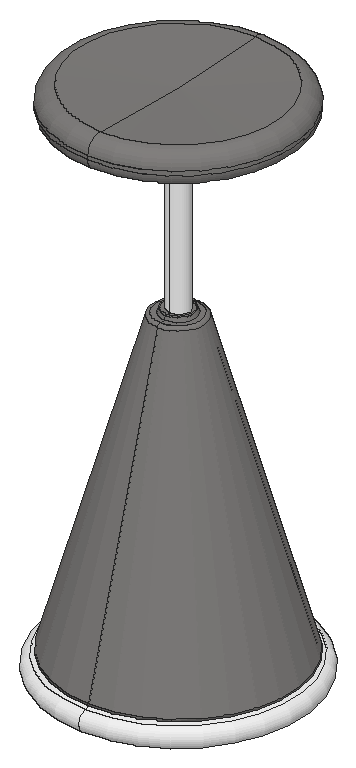
Revit family "Furniture_Office-Chairs_Flokk_Giroflex-10_Cone", category Furniture, Revit 2020
Family settings
  OmniClass Number = 23.40.20.14.14.11
  OmniClass Title = Chairs
  Work Plane-Based = No
  Always vertical = Yes
  Cut with Voids When Loaded = No
  Shared = No
  Room Calculation Point = No
Parameters (values of type "Giroflex 10 C one")
  WarrantyStartDate [instance] = "n/a"
  WarrantyGuarantorParts = "n/a"
  WarrantyGuarantorLabor = "n/a"
  WarrantyDurationUnit = "Year"
  WarrantyDurationParts = "n/a"
  WarrantyDurationLabor = "n/a"
  WarrantyDescription = "n/a"
  VersionDate = "20/12/2022"  # constant formula
  Version = "1"
  Uniclass2015Reference = "Pr_40_50_12_51"
  Uniclass2015Description = "Meeting room chairs"
  Uniclass2 = "Pr_40_50_12_51"
  URL = "https://store.flokk.com/global/en-GB/products/giroflex-10?model=10-2020&code=06CNKB"
  Type Comments = ""
  TagNumber [instance] = "n/a"
  SustainabilityPerformance = "n/a"
  Style = "n/a"
  Size = "330x330x740 mm"
  Shape = "Sculptured"
  SerialNumber [instance] = "n/a"
  SeatingHeight = 740 mm
  Revision = "n/a"
  ReplacementCost = "n/a"
  ProductInformation = "A clever concept for good dynamics. The innovative giroflex 10 sit-stand stool brings a new healthy dynamic to sitting."
  ProductDatasheet = "https://flokkplatformprod.blob.core.windows.net/catalog/giroflex-10/Brochure_giroflex-10_International_en-it.pdf"
  OfficeChairTertiaryMaterial [instance] = Stainless Steel AISI 304
  OfficeChairSecondaryMaterial [instance] = Stainless Steel AISI 304
  OfficeChairMainMaterial [instance] = Gaja Classic 60003
  NominalLength = 330 mm
  NominalHeight [instance] = 740 mm
  NominalDepth = 330 mm
  Name = "Giroflex-10_Cone"
  NBSReference = "45-35-20/355"
  NBSDescription = "Stacking chairs"
  ModelReference = "n/a"
  ModelNumber = "10-2020"
  Material = "Plastic, Metal and Textile"
  ManufacturerURL = "https://www.flokk.com/"
  ManufacturerName = "Flokk"
  Model = "Giroflex 10 Cone"
  Manufacturer = "Flokk"
  MainColor = "Various"
  LowestSeatingHeight = SeatingHeight  # 740 mm
  InstallationDate [instance] = "n/a"
  IfcExportType = "CHAIR"  # constant formula
  IfcExportAs = "IfcFurnishingElementType"  # constant formula
  Grade = "n/a"
  Finish = "n/a"
  Features = "The 10 2020 version is delivered with a uphostered seat. One can also choose a cleanguard seat and a covering cone in various cover materials and colours on option."
  ExpectedLife = "n/a"
  DurationUnit = "Year"
  Designer = "Zemp + Partner Design, update by Paolo Fancelli."
  Description = "The giroflex 10 is an iconic and colourful object in itself. Yet, it is not just something for the eye but also for the whole locomotor system. The stand-up seating with the giroflex 10 fosters balance and strengthens the muscles, while relieving the spine and counteracting poor posture.\r\n\r\nThe 10 2020 version is delivered with a uphostered seat. One can also choose a cleanguard seat and a covering cone in various cover materials and colours on option."
  Default Elevation = 0 mm
  Cost = 0
  Constituents = "n/a"
  Color = "Various"
  CodePerformance = "n/a"
  Barcode [instance] = "n/a"
  AssetIdentifier [instance] = "n/a"
  Category = "Giroflex"
  Brand = "Flokk"
  BIMObjectName = "Furniture_Office-Chairs_Flokk_Giroflex-10_Cone"  # constant formula
  Author = "BIMStone"  # constant formula
  AssetType = "Movable"
  AccessibilityPerformance = "n/a"
Reference planes
  plane 1 "Center (Front/Back)": y = 0
  plane 2: z = 0
  plane 3 "Center (Left/Right)": x = 0
  plane 4: x = -165
  plane 5: x = 165
  plane 6: y = -165
  plane 7: y = 165
  plane 8: z = 740
  plane 9: z = 740
Dimensions and locks
  equal spacing: plane 4, plane 3 "Center (Left/Right)", plane 5
  "NominalLength": plane 4 to plane 5
  equal spacing: plane 7, plane 1 "Center (Front/Back)", plane 6
  "NominalDepth": plane 7 to plane 6
  "SeatingHeight": plane 8 to level
  "NominalHeight": plane 9 to level
  aligned and locked: level to plane 2
Nested families
  nested 1: "g10 cone" at (0, 0, 0), sitting material <- "OfficeChairMainMaterial", metal <- "OfficeChairTertiaryMaterial", leg material <- "OfficeChairSecondaryMaterial", type "g10 cone"
    with sitting material Gaja Classic 60003, metal Stainless Steel AISI 304, leg material Stainless Steel AISI 304
Definition of nested family "g10 cone"
  Parameters (values of type "g10 cone")
    sitting material [instance] = none
    metal [instance] = none
    leg material [instance] = none
    Default Elevation = 0 mm
  Reference planes
    plane 1 "Center (Front/Back)": y = 0
    plane 2: z = 0
    plane 3 "Center (Left/Right)": x = 0
    plane 4: x = -165
    plane 5: x = 165
    plane 6: z = 740
    plane 7: y = 165
    plane 8: y = -165
  Forms (mm)
    Revolve 1, solid, material <- "sitting material", detail levels medium+fine
      sketch origin (0, 0, -0.703) x (0, 1, 0) y (0, 0, 1)
        loop
          line (0, 736.67) -> (0, 700.66) -> (135, 700.66)
          arc (135, 700.66) -> (145.607, 705.053) -> (150, 715.66) r 15
          line (150, 715.66) -> (150, 720.714)
          arc (150, 720.714) -> (143.704, 735.281) -> (128.78, 740.676) r 20
          arc (128.78, 740.676) -> (64.42, 737.71) -> (0, 736.67) r 2152.343
        axis (0, 700.66) -> (0, 740.676)
      angle from 0 to 360
    Revolve 2, solid, material <- "leg material", detail levels medium+fine
      sketch origin (0, 0, 0) x (0, 1, 0) y (0, 0, 1)
        loop
          line (0, 443) -> (0, 78) -> (25, 78) -> (25, 439.901) -> (21.901, 443) -> (0, 443)
        loop
          line (0, 663.7) -> (17.052, 663.7)
          arc (17.052, 663.7) -> (19.188, 664.585) -> (20.073, 666.721) r 3.021
          line (20.073, 666.721) -> (20.073, 675.681) -> (83.206, 675.681)
          arc (83.206, 675.681) -> (85.001, 675.917) -> (86.673, 676.61) r 6.933
          line (86.673, 676.61) -> (118.311, 694.876)
          arc (118.311, 694.876) -> (118.766, 695.976) -> (117.822, 696.7) r 0.977
          line (117.822, 696.7) -> (76.882, 696.7) -> (72.945, 707.516) -> (0, 707.516) -> (0, 663.7)
        axis (0, 78) -> (0, 707.516)
      angle from 0 to 360
    Revolve 3, solid, material <- "metal", detail levels medium+fine
      sketch origin (0, 0, 0) x (0, 1, 0) y (0, 0, 1)
        loop
          line (0, 439.901) -> (14.027, 439.901) -> (14.027, 667.528) -> (0, 667.528) -> (0, 439.901)
        axis (0, 667.528) -> (0, 439.901)
      angle from 0 to 360
    Revolve 4, solid, material <- "leg material", detail levels medium+fine
      sketch origin (0, 0, 0) x (0, 1, 0) y (0, 0, 1)
        loop
          line (0, 0) -> (11.847, 0) -> (154.753, 35.631)
          arc (154.753, 35.631) -> (164.999, 48.925) -> (154.405, 61.943) r 13.517
          line (154.405, 61.943) -> (26.488, 90.265) -> (0, 90.265) -> (0, 0)
        axis (0, 0) -> (0, 90.265)
      angle from 0 to 360
    Extrusion 5, solid, material <- "sitting material", detail levels coarse
      sketch origin (0, 0, 0) x (1, 0, 0) y (0, 1, 0)
        loop
          line (-165, 165) -> (-165, -165) -> (165, -165) -> (165, 165) -> (-165, 165)
      from 0 to 740
    Revolve 6, solid, material <- "sitting material", detail levels medium+fine
      sketch origin (0, 0, 0) x (0, 1, 0) y (0, 0, 1)
        loop
          line (0, 474) -> (0, 469) -> (16.428, 469) -> (18.368, 463.365) -> (29.321, 463.365) -> (143.709, 68.582) -> (-0.1, 68.582) -> (-0.1, 63.582) -> (147.07, 63.582)
          arc (147.07, 63.582) -> (149.048, 64.57) -> (149.447, 66.745) r 2.474
          line (149.447, 66.745) -> (34.124, 464.757)
          arc (34.124, 464.757) -> (32.325, 467.362) -> (29.321, 468.365) r 5
          line (29.321, 468.365) -> (21.935, 468.365) -> (20.221, 473.342)
          arc (20.221, 473.342) -> (19.865, 473.819) -> (19.299, 474) r 0.976
          line (19.299, 474) -> (0, 474)
        axis (-0.1, 63.582) -> (-0.1, 474)
      angle from 0 to 360
  Cuts and joins
    joined: Revolve 2, Revolve 4
    joined: Revolve 1, Revolve 6
  Lines and regions (mm)
    symbolic lines, detail levels fine
      curve 1: circle (0, 0, 0) r 150 normal (0, 0, 1)
      curve 8: line (0, 14.027, 663.706) -> (0, 0, 663.706)
      curve 12: line (0, 20.101, 675.756) -> (0, 0, 675.756)
      curve 24: line (0, 75.7, 699.954) -> (0, 0, 699.954)
      curve 25: line (0, 76.882, 696.732) -> (0, 0, 696.732)
      curve 29: line (0, -14.027, 663.706) -> (0, 0, 663.706)
      curve 33: line (0, -20.101, 675.756) -> (0, 0, 675.756)
      curve 45: line (0, -75.7, 699.954) -> (0, 0, 699.954)
      curve 46: line (0, -76.882, 696.732) -> (0, 0, 696.732)
      curve 47: line (0, 21.935, 468.365) -> (0, -0.1, 468.365)
      curve 48: line (0, 14.027, 474.008) -> (0, 0, 474.008)
      curve 49: line (0, 0, 63.568) -> (0, 147.035, 63.568)
      curve 63: line (0, -21.935, 468.365) -> (0, 0.1, 468.365)
      curve 64: line (0, -14.027, 474.008) -> (0, 0, 474.008)
      curve 65: line (0, 0, 63.568) -> (0, -147.035, 63.568)
      curve 94: line (-25, 0, 90.265) -> (-26.409, 0, 90.265)
      curve 95: line (-26.409, 0, 90.265) -> (-25, 0, 90.265)
      curve 105: line (-75.7, 0, 699.954) -> (0, 0, 699.954)
      curve 106: line (0, 0, 699.954) -> (75.7, 0, 699.954)
      curve 107: line (-76.882, 0, 696.732) -> (0, 0, 696.732)
      curve 108: line (0, 0, 696.732) -> (76.882, 0, 696.732)
      curve 109: line (25, 0, 90.265) -> (26.409, 0, 90.265)
      curve 110: line (26.409, 0, 90.265) -> (25, 0, 90.265)
      curve 111: line (0, 0, 474.008) -> (-14.027, 0, 474.008)
      curve 113: line (-14.027, 0, 663.706) -> (0, 0, 663.706)
      curve 114: line (0, 0, 663.706) -> (14.027, 0, 663.706)
      curve 116: line (14.027, 0, 474.008) -> (0, 0, 474.008)
      curve 119: line (20.101, 0, 675.756) -> (0, 0, 675.756)
      curve 120: line (0, 0, 675.756) -> (-20.101, 0, 675.756)
      curve 129: line (-21.935, 0, 468.365) -> (0.1, 0, 468.365)
      curve 134: line (-147.035, 0, 63.568) -> (0, 0, 63.568)
      curve 135: line (0, 0, 63.568) -> (147.035, 0, 63.568)
      curve 138: line (21.935, 0, 468.365) -> (-0.1, 0, 468.365)
    symbolic lines, detail levels medium+fine
      curve 2: circle (0, 0, 0) r 165 normal (0, 0, 1)
      curve 3: line (0, 0, 0) -> (0, 13.017, 0)
      curve 4: line (0, 13.017, 0) -> (0, 154.6, 35.3)
      curve 5: line (0, 26.409, 90.265) -> (0, 25, 90.265)
      curve 6: line (0, 147.035, 63.568) -> (0, 154.243, 61.996)
      curve 7: line (0, 14.027, 663.706) -> (0, 14.027, 474.008)
      curve 9: line (0, 14.027, 663.706) -> (0, 16.925, 663.706)
      curve 10: arc (0, 16.925, 663.706) -> (0, 19.171, 664.636) -> (0, 20.101, 666.882) r 3.176
      curve 11: line (0, 20.101, 666.882) -> (0, 20.101, 675.756)
      curve 13: line (0, 20.101, 675.756) -> (0, 82.674, 675.756)
      curve 14: arc (0, 82.674, 675.756) -> (0, 85.055, 676.036) -> (0, 87.307, 676.86) r 10.27
      curve 15: line (0, 87.307, 676.86) -> (0, 118.18, 694.685)
      curve 16: arc (0, 118.18, 694.685) -> (0, 118.719, 695.829) -> (0, 117.833, 696.732) r 1.107
      curve 17: line (0, 117.833, 696.732) -> (0, 76.882, 696.732)
      curve 18: line (0, 75.7, 699.954) -> (0, 76.882, 696.732)
      curve 19: line (0, 135.004, 699.954) -> (0, 75.7, 699.954)
      curve 20: line (0, 150.004, 720) -> (0, 150.004, 714.954)
      curve 21: arc (0, 135.004, 699.954) -> (0, 145.611, 704.347) -> (0, 150.004, 714.954) r 15
      curve 22: line (0, 130.004, 740) -> (0, 0, 740)
      curve 23: arc (0, 150.004, 720) -> (0, 144.146, 734.142) -> (0, 130.004, 740) r 20
      curve 26: arc (0, 154.6, 35.3) -> (0, 164.994, 48.79) -> (0, 154.243, 61.996) r 13.713
      curve 27: line (0, -26.409, 90.265) -> (0, -25, 90.265)
      curve 28: line (0, -14.027, 663.706) -> (0, -14.027, 474.008)
      curve 30: line (0, -14.027, 663.706) -> (0, -16.925, 663.706)
      curve 31: arc (0, -16.925, 663.706) -> (0, -19.171, 664.636) -> (0, -20.101, 666.882) r 3.176
      curve 32: line (0, -20.101, 666.882) -> (0, -20.101, 675.756)
      curve 34: line (0, -20.101, 675.756) -> (0, -82.674, 675.756)
      curve 35: arc (0, -82.674, 675.756) -> (0, -85.055, 676.036) -> (0, -87.307, 676.86) r 10.27
      curve 36: line (0, -87.307, 676.86) -> (0, -118.18, 694.685)
      curve 37: arc (0, -118.18, 694.685) -> (0, -118.719, 695.829) -> (0, -117.833, 696.732) r 1.107
      curve 38: line (0, -117.833, 696.732) -> (0, -76.882, 696.732)
      curve 39: line (0, -75.7, 699.954) -> (0, -76.882, 696.732)
      curve 40: line (0, -135.004, 699.954) -> (0, -75.7, 699.954)
      curve 41: line (0, -150.004, 720) -> (0, -150.004, 714.954)
      curve 42: arc (0, -135.004, 699.954) -> (0, -145.611, 704.347) -> (0, -150.004, 714.954) r 15
      curve 43: line (0, -130.004, 740) -> (0, 0, 740)
      curve 44: arc (0, -150.004, 720) -> (0, -144.146, 734.142) -> (0, -130.004, 740) r 20
      curve 50: line (0, 34.273, 464.755) -> (0, 149.445, 66.775)
      curve 51: arc (0, 147.035, 63.568) -> (0, 149.041, 64.57) -> (0, 149.445, 66.775) r 2.509
      curve 52: line (0, 21.935, 468.365) -> (0, 29.47, 468.365)
      curve 53: arc (0, 34.273, 464.755) -> (0, 32.474, 467.362) -> (0, 29.47, 468.365) r 5
      curve 54: line (0, 14.027, 474.008) -> (0, 19.279, 474.008)
      curve 55: line (0, 21.935, 468.365) -> (0, 20.224, 473.334)
      curve 56: arc (0, 20.224, 473.334) -> (0, 19.859, 473.822) -> (0, 19.279, 474.008) r 1
      curve 57: line (0, 0, 0) -> (0, -13.017, 0)
      curve 58: line (0, -13.017, 0) -> (0, -154.6, 35.3)
      curve 59: line (0, -26.409, 90.265) -> (0, -25, 90.265)
      curve 60: line (0, -147.035, 63.568) -> (0, -154.243, 61.996)
      curve 61: arc (0, -154.6, 35.3) -> (0, -164.994, 48.79) -> (0, -154.243, 61.996) r 13.713
      curve 62: line (0, 26.409, 90.265) -> (0, 25, 90.265)
      curve 66: line (0, -34.273, 464.755) -> (0, -149.445, 66.775)
      curve 67: arc (0, -147.035, 63.568) -> (0, -149.041, 64.57) -> (0, -149.445, 66.775) r 2.509
      curve 68: line (0, -21.935, 468.365) -> (0, -29.47, 468.365)
      curve 69: arc (0, -34.273, 464.755) -> (0, -32.474, 467.362) -> (0, -29.47, 468.365) r 5
      curve 70: line (0, -14.027, 474.008) -> (0, -19.279, 474.008)
      curve 71: line (0, -21.935, 468.365) -> (0, -20.224, 473.334)
      curve 72: arc (0, -20.224, 473.334) -> (0, -19.859, 473.822) -> (0, -19.279, 474.008) r 1
      curve 73: arc (-20.101, 0, 666.882) -> (-19.171, 0, 664.636) -> (-16.925, 0, 663.706) r 3.176
      curve 74: arc (-87.307, 0, 676.86) -> (-85.055, 0, 676.036) -> (-82.674, 0, 675.756) r 10.27
      curve 75: arc (-117.833, 0, 696.732) -> (-118.719, 0, 695.829) -> (-118.18, 0, 694.685) r 1.107
      curve 76: arc (-150.004, 0, 714.954) -> (-145.611, 0, 704.347) -> (-135.004, 0, 699.954) r 15
      curve 77: arc (-130.004, 0, 740) -> (-144.146, 0, 734.142) -> (-150.004, 0, 720) r 20
      curve 78: arc (-154.243, 0, 61.996) -> (-164.994, 0, 48.79) -> (-154.6, 0, 35.3) r 13.713
      curve 79: arc (16.925, 0, 663.706) -> (19.171, 0, 664.636) -> (20.101, 0, 666.882) r 3.176
      curve 80: arc (82.674, 0, 675.756) -> (85.055, 0, 676.036) -> (87.307, 0, 676.86) r 10.27
      curve 81: arc (118.18, 0, 694.685) -> (118.719, 0, 695.829) -> (117.833, 0, 696.732) r 1.107
      curve 82: arc (135.004, 0, 699.954) -> (145.611, 0, 704.347) -> (150.004, 0, 714.954) r 15
      curve 83: arc (150.004, 0, 720) -> (144.146, 0, 734.142) -> (130.004, 0, 740) r 20
      curve 84: arc (-149.445, 0, 66.775) -> (-149.041, 0, 64.57) -> (-147.035, 0, 63.568) r 2.509
      curve 85: arc (-29.47, 0, 468.365) -> (-32.474, 0, 467.362) -> (-34.273, 0, 464.755) r 5
      curve 86: arc (-19.279, 0, 474.008) -> (-19.859, 0, 473.822) -> (-20.224, 0, 473.334) r 1
      curve 87: arc (154.6, 0, 35.3) -> (164.994, 0, 48.79) -> (154.243, 0, 61.996) r 13.713
      curve 88: arc (147.035, 0, 63.568) -> (149.041, 0, 64.57) -> (149.445, 0, 66.775) r 2.509
      curve 89: arc (34.273, 0, 464.755) -> (32.474, 0, 467.362) -> (29.47, 0, 468.365) r 5
      curve 90: line (154.6, 0, 35.3) -> (13.017, 0, 0)
      curve 91: line (13.017, 0, 0) -> (0, 0, 0)
      curve 92: line (0, 0, 0) -> (-13.017, 0, 0)
      curve 93: line (-13.017, 0, 0) -> (-154.6, 0, 35.3)
      curve 96: line (-14.027, 0, 663.706) -> (-16.925, 0, 663.706)
      curve 97: line (-20.101, 0, 675.756) -> (-82.674, 0, 675.756)
      curve 98: line (-87.307, 0, 676.86) -> (-118.18, 0, 694.685)
      curve 99: line (-117.833, 0, 696.732) -> (-76.882, 0, 696.732)
      curve 100: line (-76.882, 0, 696.732) -> (-75.7, 0, 699.954)
      curve 101: line (-75.7, 0, 699.954) -> (-135.004, 0, 699.954)
      curve 102: line (-150.004, 0, 720) -> (-150.004, 0, 714.954)
      curve 103: line (-130.004, 0, 740) -> (0, 0, 740)
      curve 104: line (0, 0, 740) -> (130.004, 0, 740)
      curve 112: line (-14.027, 0, 474.008) -> (-14.027, 0, 663.706)
      curve 115: line (14.027, 0, 663.706) -> (14.027, 0, 474.008)
      curve 117: line (14.027, 0, 663.706) -> (16.925, 0, 663.706)
      curve 118: line (20.101, 0, 666.882) -> (20.101, 0, 675.756)
      curve 121: line (-20.101, 0, 675.756) -> (-20.101, 0, 666.882)
      curve 122: line (20.101, 0, 675.756) -> (82.674, 0, 675.756)
      curve 123: line (87.307, 0, 676.86) -> (118.18, 0, 694.685)
      curve 124: line (117.833, 0, 696.732) -> (76.882, 0, 696.732)
      curve 125: line (76.882, 0, 696.732) -> (75.7, 0, 699.954)
      curve 126: line (75.7, 0, 699.954) -> (135.004, 0, 699.954)
      curve 127: line (150.004, 0, 720) -> (150.004, 0, 714.954)
      curve 128: line (-29.47, 0, 468.365) -> (-21.935, 0, 468.365)
      curve 130: line (-34.273, 0, 464.755) -> (-149.445, 0, 66.775)
      curve 131: line (-14.027, 0, 474.008) -> (-19.279, 0, 474.008)
      curve 132: line (-21.935, 0, 468.365) -> (-20.224, 0, 473.334)
      curve 133: line (-154.243, 0, 61.996) -> (-147.035, 0, 63.568)
      curve 136: line (147.035, 0, 63.568) -> (154.243, 0, 61.996)
      curve 137: line (29.47, 0, 468.365) -> (21.935, 0, 468.365)
      curve 139: line (34.273, 0, 464.755) -> (149.445, 0, 66.775)
      curve 140: line (14.027, 0, 474.008) -> (19.279, 0, 474.008)
      curve 141: line (21.935, 0, 468.365) -> (20.224, 0, 473.334)
      curve 142: arc (20.224, 0, 473.334) -> (19.859, 0, 473.822) -> (19.279, 0, 474.008) r 1
  Dimensions and locks
    plane 6 to level = 740 mm
    aligned and locked: level to plane 2
